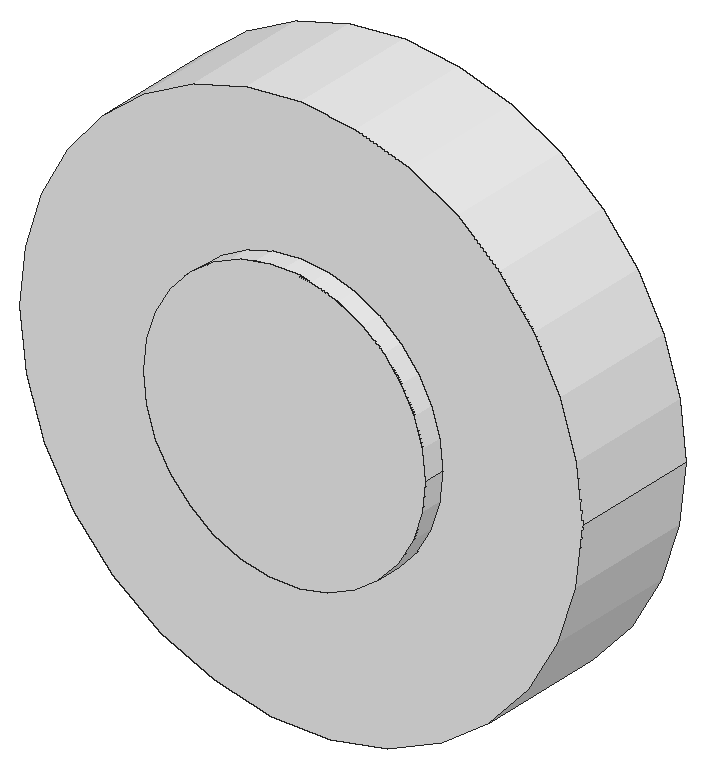
Revit family "FB-185-19-0.5", category Plumbing Fixtures, Revit 2014
Parameters (values of type "FB-185-19-0.5")
  URL = "http://www.helvex.com.mx/contenido.php?producto=694"
  Type Comments = "Flushvalves"
  Power Consumption = 2 W
  Note = "Feeding Pipe Must Be 1 ¼\" and Connection a 1 ¼\" - 1\" Reductor to Stop Valve"
  Model = "FB-185-19-0.5"
  Min. Working Pressure = 14.22 psi
  Max. Working Pressure = 85.34 psi
  Manufacturer = "Helvex"
  Flow = "0.13 Gallons Per Flush"
  Feeding Voltage = 6 V
  Features = "Operates With a 6V Lithium Battery; Button With Antibacterial Coating; Left or Right Connection"
  Documentation = "http://www.helvex.com.mx/productos/fichas/FB-185-19-0.5.pdf"
  Description = "0.13\" gpf, Battery Operated Electronic Urinal Flushvalve With Button"
  Connection = "1\" Feeding Connection"
  Compliance = "NOM-005-CONAGUA-1996"
  Chrome = Brass Chromed
  Certification = "http://www.helvex.com.mx/productos/vistas/FB-185-19-0.5.pdf"
  CW Connection = yes
Reference planes (in)
  plane 1 "Center (Front/Back)": y = 0
  plane 2: z = 0
  plane 3 "Center (Left/Right)": x = 0
  plane 4: z = 42
  plane 5: y = -2.4
Forms (in)
  Extrusion 1, solid, material "Brass Chromed" <- "Chrome"
    sketch origin (0, 0, 0) x (1, 0, 0) y (0, 0, 1)
      loop
        circle (-5.28151, 54.428) r 0.69
    from 0 to 0.7315
  Extrusion 2, solid, material "Brass Chromed" <- "Chrome"
    sketch origin (0, 0, 0) x (1, 0, 0) y (0, 0, 1)
      loop
        circle (-5.28151, 54.428) r 1.375
    from 0 to 0.63
Dimensions and locks (in)
  locked: plane 4 to plane 2 at 42
  plane 4 to level = 42"
  locked: plane 5 to plane 1 "Center (Front/Back)" at 2.4  (x2)
  aligned and locked: level to plane 2
Connectors (in)
  piping at (-5.28151, 0, 54.428), diameter 1, driven by "CW Connection"
    settings: on Extrusion 1, index 1, connector inside diameter 24", connector length 0", flow factor 0, pipe flow 0.0 GPM, pressure drop 0.0 psi, fitting loss kfactor 0, connector angle 0.00°, fixture units 0, engagement length 0", angle of deflection 0.00°, flow configuration 2, flow direction 1, fitting loss method 0, system type 16, joint type 0, gender type 0, connector reference index -1, connector utility 1, adjustable connector no, is connector primary yes, connector description ""
  piping at (0, -2.4, 42), diameter 0.75, driven by "CW Connection"
    settings: on import instance, index 2, connector inside diameter 24", connector length 0", flow factor 0, pipe flow 0.0 GPM, pressure drop 0.0 psi, fitting loss kfactor 0, connector angle 0.00°, fixture units 0, engagement length 0", angle of deflection 0.00°, flow configuration 2, flow direction 2, fitting loss method 0, system type 16, joint type 0, gender type 0, connector reference index -1, connector utility 1, adjustable connector no, is connector primary no, connector description ""
